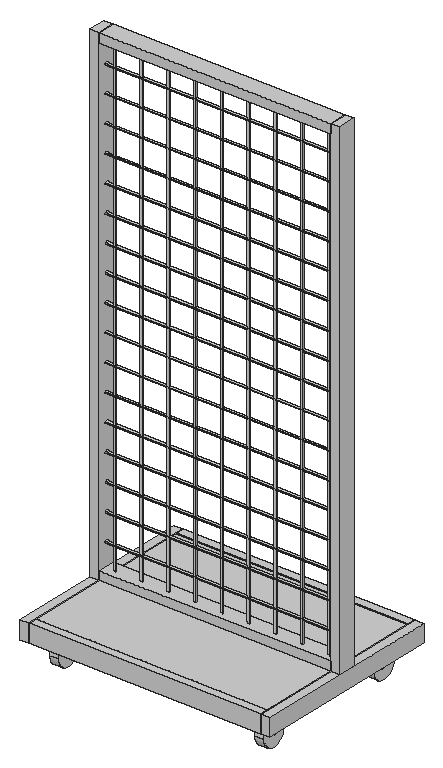
Revit family "SF", category Specialty Equipment, Revit 2012
Parameters (values of type "Seasonal Grid Fixture on Casters (Default)")
  URL = "http://madixinc.com/display/freestanding.html"
  Model = "Seasonal Grid Fixture on Casters"
  Manufacturer = "© 2012 Madix, Inc. All rights reserved."
Reference planes (in)
  plane 1 "Center (Front/Back)": y = 0
  plane 2: z = 0
  plane 3 "Center (Left/Right)": x = 0
  plane 4: y = 10.75
  plane 5: y = -10.75
  plane 6: x = -14
  plane 7: x = 14
  plane 8: z = 60
  plane 9: z = 3
  plane 10: z = 5
  plane 11: z = 59
  plane 12: z = 32.5
  plane 13: z = 6
  plane 14: x = 12
  plane 15: x = 11
  plane 16: x = 12.125
  plane 17: x = 10.875
Forms (in)
  Extrusion 1, solid, material "Metal - Steel"
    sketch origin (0, 0, 0) x (1, 0, 0) y (0, 1, 0)
      loop
        line (-14, 10.75) -> (-14, -10.75) -> (-13, -10.75) -> (-13, 10.75) -> (-14, 10.75)
      loop
        line (14, 10.75) -> (13, 10.75) -> (13, -10.75) -> (14, -10.75) -> (14, 10.75)
    from 3 to 5
  Extrusion 2, solid, material "Metal - Steel"
    sketch origin (0, 0, 0) x (1, 0, 0) y (0, 1, 0)
      loop
        line (-13, 10.75) -> (-13, 9.75) -> (13, 9.75) -> (13, 10.75) -> (-13, 10.75)
      loop
        line (-13, -10.75) -> (13, -10.75) -> (13, -9.75) -> (-13, -9.75) -> (-13, -10.75)
    from 3 to 5
  Extrusion 3, solid, material "Metal - Steel"
    sketch origin (0, 0, 0) x (1, 0, 0) y (0, 1, 0)
      loop
        line (-13, 9.75) -> (-13, -9.75) -> (13, -9.75) -> (13, 9.75) -> (-13, 9.75)
    from 3 to 5
  Extrusion 4, solid, material "Metal - Steel"
    sketch origin (0, 0, 0) x (1, 0, 0) y (0, 1, 0)
      loop
        line (13, 1) -> (13, -1) -> (14, -1) -> (14, 1) -> (13, 1)
      loop
        line (-13, 1) -> (-14, 1) -> (-14, -1) -> (-13, -1) -> (-13, 1)
    from 5 to 60
  Extrusion 5, solid, material "Metal - Steel"
    sketch origin (0, 0, 0) x (1, 0, 0) y (0, 1, 0)
      loop
        line (-13, 1) -> (-13, -1) -> (13, -1) -> (13, 1) -> (-13, 1)
    from 59 to 60
  Extrusion 6, solid, material "Metal - Steel"
    sketch origin (0, 0, 0) x (1, 0, 0) y (0, 1, 0)
      loop
        circle (0, 0) r 0.125
      loop
        circle (3, 0) r 0.125
      loop
        circle (6, 0) r 0.125
      loop
        circle (9, 0) r 0.125
      loop
        circle (12, 0) r 0.125
      loop
        circle (-3, 0) r 0.125
      loop
        circle (-6, 0) r 0.125
      loop
        circle (-9, 0) r 0.125
      loop
        circle (-12, 0) r 0.125
    from 5 to 59
  Extrusion 7, solid, material "Metal - Steel"
    sketch origin (0, 0, 0) x (1, 0, 0) y (0, 1, 0)
      loop
        line (-13, 1) -> (-13, -1) -> (13, -1) -> (13, 1) -> (-13, 1)
    from 5 to 6
  Extrusion 8, solid, material "Metal - Steel"
    sketch origin (0, 0, 0) x (0, 1, 0) y (0, 0, 1)
      loop
        circle (0, 32.5) r 0.125
      loop
        circle (0, 35.5) r 0.125
      loop
        circle (0, 38.5) r 0.125
      loop
        circle (0, 41.5) r 0.125
      loop
        circle (0, 44.5) r 0.125
      loop
        circle (0, 47.5) r 0.125
      loop
        circle (0, 50.5) r 0.125
      loop
        circle (0, 53.5) r 0.125
      loop
        circle (0, 56.5) r 0.125
      loop
        circle (0, 29.5) r 0.125
      loop
        circle (0, 26.5) r 0.125
      loop
        circle (0, 23.5) r 0.125
      loop
        circle (0, 20.5) r 0.125
      loop
        circle (0, 17.5) r 0.125
      loop
        circle (0, 14.5) r 0.125
      loop
        circle (0, 11.5) r 0.125
      loop
        circle (0, 8.5) r 0.125
    from -13 to 13
  Extrusion 9, solid, material "Metal - Steel"
    sketch origin (0, 0, 0) x (0, 1, 0) y (0, 0, 1)
      loop
        circle (7.75, 1.375) r 1.375
      loop
        circle (-7.75, 1.375) r 1.375
    from 11 to 12
  Extrusion 10, solid, material "Metal - Steel"
    sketch origin (0, 0, 0) x (0, 1, 0) y (0, 0, -1)
      loop
        circle (7.75, -1.375) r 1.375
      loop
        circle (-7.75, -1.375) r 1.375
    from 11 to 12
  Extrusion 11, solid, material "Metal - Steel"
    sketch origin (0, 0, 0) x (0, 1, 0) y (0, 0, 1)
      loop
        line (7.75, 1.25) -> (7.75, 3) -> (6, 3)
        arc (6, 3) -> (6.51256, 1.76256) -> (7.75, 1.25) r 1.75
      loop
        arc (-7.75, 1.25) -> (-6.51256, 1.76256) -> (-6, 3) r 1.75
        line (-6, 3) -> (-7.75, 3) -> (-7.75, 1.25)
    from 12 to 12.125
  Extrusion 12, solid, material "Metal - Steel"
    sketch origin (21.75, 0, 0) x (0, 1, 0) y (0, 0, -1)
      loop
        arc (7.75, -1.25) -> (6.51256, -1.76256) -> (6, -3) r 1.75
        line (6, -3) -> (7.75, -3) -> (7.75, -1.25)
      loop
        line (-7.75, -1.25) -> (-7.75, -3) -> (-6, -3)
        arc (-6, -3) -> (-6.51256, -1.76256) -> (-7.75, -1.25) r 1.75
    from 10.75 to 10.875
  Extrusion 13, solid, material "Metal - Steel"
    sketch origin (0, 0, 0) x (0, 1, 0) y (0, 0, -1)
      loop
        arc (7.75, -1.25) -> (6.51256, -1.76256) -> (6, -3) r 1.75
        line (6, -3) -> (7.75, -3) -> (7.75, -1.25)
      loop
        line (-7.75, -1.25) -> (-7.75, -3) -> (-6, -3)
        arc (-6, -3) -> (-6.51256, -1.76256) -> (-7.75, -1.25) r 1.75
    from 12 to 12.125
  Extrusion 14, solid, material "Metal - Steel"
    sketch origin (-21.75, 0, 0) x (0, 1, 0) y (0, 0, 1)
      loop
        line (7.75, 1.25) -> (7.75, 3) -> (6, 3)
        arc (6, 3) -> (6.51256, 1.76256) -> (7.75, 1.25) r 1.75
      loop
        arc (-7.75, 1.25) -> (-6.51256, 1.76256) -> (-6, 3) r 1.75
        line (-6, 3) -> (-7.75, 3) -> (-7.75, 1.25)
    from 10.75 to 10.875
Dimensions and locks (in)
  aligned and locked: level to plane 2
